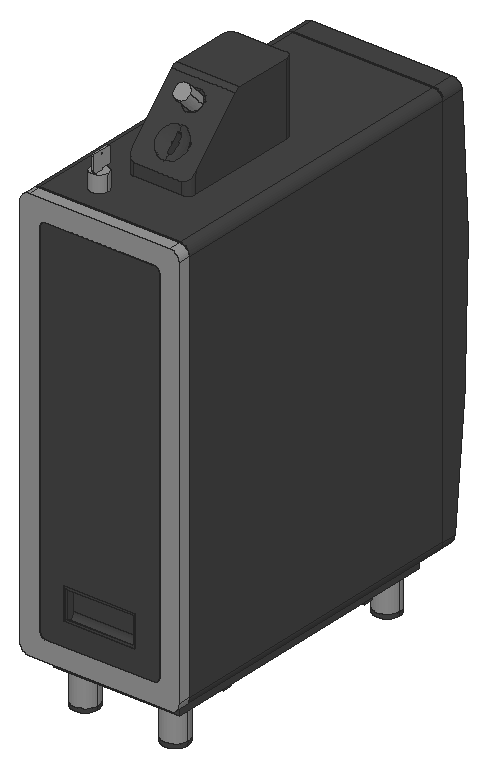
Revit family "Franke_Coin_changer-A600_A800_A1000(EU)", category Specialty Equipment, Revit 2015
Parameters (values of type "Coin changer-A600,A800,A1000(85-264V/anthracite/EU)")
  URL = "https://www.franke.com/main/en/cs/products/product-search.html"
  Depth (mm) = 452 mm
  Volts min. = 85 V
  Volts max. = 264 V
  Max Overcurrent Protection = "10 A"
  Cycle Alternative = 60 Hz
  Cycle = 50 Hz
  Model = "410902 - Coin changer- A600, A800, A1000"
  Watts = 76.8 W
  Cost = 0
  Height (mm) = 675 mm
  Manufacturer = "Franke"
  Energy loss acc. to DIN 18873 = "-"
  Width (mm) = 200 mm
  Description = "payment systems key module - Coin changer"
  Assembly Code = "key module Coin changer (A600, A800)"
  Keynote = "key module Coin changer (A600, A800)"
  Weight = "18 kg"
  Number of Poles = 1
  Number of Protective Conductors = "1"
  Number of Nutral Conductors = "1"
  Frontcover = Franke Anthracite
Types (3, lengths in mm): name | Frontcover
  (no name) | Franke Anthracite
  Coin changer-A600,A800,A1000(85-264V/black line/EU) | Franke Black
  Coin changer-A600,A800,A1000(85-264V/anthracite/EU) | Franke Anthracite
Reference planes
  plane 1 "Mitte (Vorne/Hinten)": y = 0
  plane 2: z = 0
  plane 3 "Mitte (Links/Rechts)": x = 0
Forms (mm)
  Extrusion 1, solid, material "Franke Black"
    sketch origin (0, 0, 0) x (0, 1, 0) y (0, 0, 1)
      loop
        line (186.97, 65) -> (-188.03, 65) -> (-188.03, 45) -> (186.97, 45) -> (186.97, 65)
    from -79 to 79
  Extrusion 2, solid, material "Franke Black"
    sketch origin (-1000, 0, 0) x (0, 1, 0) y (0, 0, 1)
      loop
        line (199.53, 585) -> (199.53, 65) -> (216.03, 65)
        arc (216.03, 65) -> (224.982, 150.997) -> (233.478, 237.039) r 16328.175
        arc (233.478, 237.039) -> (233.864, 241.879) -> (234.093, 246.728) r 150
        arc (234.093, 246.728) -> (236.227, 326.074) -> (237.701, 405.435) r 9548.581
        arc (237.701, 405.435) -> (237.699, 406.999) -> (237.648, 408.563) r 50
        arc (237.648, 408.563) -> (233.118, 496.797) -> (228.03, 585) r 14002.549
        line (228.03, 585) -> (199.53, 585)
    from 900 to 1100
  Extrusion 3, void
    sketch origin (-1000, 0, 0) x (1, 0, 0) y (0, 0, 1)
      loop
        arc (1088, 585) -> (1096.485, 581.485) -> (1100, 573) r 12
        line (1100, 573) -> (1110, 573) -> (1110, 595) -> (1088, 595) -> (1088, 585)
      loop
        line (1088, 65) -> (1088, 55) -> (1110, 55) -> (1110, 77) -> (1100, 77)
        arc (1100, 77) -> (1096.485, 68.515) -> (1088, 65) r 12
      loop
        line (912, 585) -> (912, 595) -> (890, 595) -> (890, 573) -> (900, 573)
        arc (900, 573) -> (903.515, 581.485) -> (912, 585) r 12
      loop
        arc (912, 65) -> (903.515, 68.515) -> (900, 77) r 12
        line (900, 77) -> (890, 77) -> (890, 55) -> (912, 55) -> (912, 65)
    from -305.226 to 299.817
  Extrusion 4, solid, material "Franke Black"
    sketch origin (0, 397.56, 0) x (1, 0, 0) y (0, 0, 1)
      loop
        line (-85, 65) -> (85, 65) -> (85, 575) -> (-85, 575) -> (-85, 65)
    from 198.03 to 199.53
  Extrusion 5, solid
    sketch origin (0, 0, 0) x (1, 0, 0) y (0, 0, 1)
      loop
        line (-85, 65) -> (85, 65) -> (85, 575) -> (-85, 575) -> (-85, 65)
    from 198.03 to 199.53
  Extrusion 6, solid, material "Franke Black"
    sketch origin (0, 0, 0) x (1, 0, 0) y (0, 0, 1)
      loop
        line (88, 585) -> (-88, 585)
        arc (-88, 585) -> (-96.485, 581.485) -> (-100, 573) r 12
        line (-100, 573) -> (-100, 77)
        arc (-100, 77) -> (-96.485, 68.515) -> (-88, 65) r 12
        line (-88, 65) -> (88, 65)
        arc (88, 65) -> (96.485, 68.515) -> (100, 77) r 12
        line (100, 77) -> (100, 573)
        arc (100, 573) -> (96.485, 581.485) -> (88, 585) r 12
    from -198.03 to 198.03
  Extrusion 7, solid, material "Franke Chrome"
    sketch origin (0, 0, 0) x (1, 0, 0) y (0, 1, 0)
      loop
        circle (-42, -162.53) r 11
    from 585 to 605
  Extrusion 8, solid, material "Franke Anthracite" <- "Frontcover"
    sketch origin (0, 0, 0) x (1, 0, 0) y (0, 0, 1)
      loop
        line (88, 585) -> (-88, 585)
        arc (-88, 585) -> (-96.485, 581.485) -> (-100, 573) r 12
        line (-100, 573) -> (-100, 77)
        arc (-100, 77) -> (-96.485, 68.515) -> (-88, 65) r 12
        line (-88, 65) -> (88, 65)
        arc (88, 65) -> (96.485, 68.515) -> (100, 77) r 12
        line (100, 77) -> (100, 573)
        arc (100, 573) -> (96.485, 581.485) -> (88, 585) r 12
      loop
        arc (67, 90) -> (72.657, 92.343) -> (75, 98) r 8
        line (75, 98) -> (75, 552)
        arc (75, 552) -> (72.657, 557.657) -> (67, 560) r 8
        line (67, 560) -> (-67, 560)
        arc (-67, 560) -> (-72.657, 557.657) -> (-75, 552) r 8
        line (-75, 552) -> (-75, 98)
        arc (-75, 98) -> (-72.657, 92.343) -> (-67, 90) r 8
        line (-67, 90) -> (67, 90)
    from 199.53 to 214.53
  Extrusion 9, solid, material "Franke Black"
    sketch origin (0, 0, 0) x (1, 0, 0) y (0, 0, 1)
      loop
        arc (-67, 560) -> (-72.657, 557.657) -> (-75, 552) r 8
        line (-75, 552) -> (-75, 98)
        arc (-75, 98) -> (-72.657, 92.343) -> (-67, 90) r 8
        line (-67, 90) -> (67, 90)
        arc (67, 90) -> (72.657, 92.343) -> (75, 98) r 8
        line (75, 98) -> (75, 552)
        arc (75, 552) -> (72.657, 557.657) -> (67, 560) r 8
        line (67, 560) -> (-67, 560)
    from 199.53 to 214.53
  Extrusion 10, solid, material "Franke Black"
    sketch origin (0, 0, 0) x (1, 0, 0) y (0, 0, 1)
      loop
        line (-85, 65) -> (85, 65) -> (85, 575) -> (-85, 575) -> (-85, 65)
    from 198.03 to 199.53
  Extrusion 11, solid, material "Franke Chrome"
    sketch origin (0, 0, 39.5) x (0, 1, 0) y (0, 0, 1)
      loop
        arc (-172.53, 569.367) -> (-172.178, 568.234) -> (-171.247, 567.5) r 2
        line (-171.247, 567.5) -> (-171.247, 565.5) -> (-160.53, 565.5) -> (-160.53, 566.541)
        arc (-160.53, 566.541) -> (-160.249, 567.219) -> (-159.571, 567.5) r 0.959
        line (-159.571, 567.5) -> (-149.53, 567.5)
        arc (-149.53, 567.5) -> (-148.116, 568.086) -> (-147.53, 569.5) r 2
        line (-147.53, 569.5) -> (-147.53, 585.5)
        arc (-147.53, 585.5) -> (-148.116, 586.914) -> (-149.53, 587.5) r 2
        line (-149.53, 587.5) -> (-170.53, 587.5)
        arc (-170.53, 587.5) -> (-171.944, 586.914) -> (-172.53, 585.5) r 2
        line (-172.53, 585.5) -> (-172.53, 569.367)
      loop
        circle (-160.03, 583.965) r 2
    from -43 to -41
  Extrusion 12, solid, material "Franke Black"
    sketch origin (0, 0, 20) x (1, 0, 0) y (0, 0, 1)
      loop
        line (-44.5, 139) -> (-44.5, 100) -> (44.5, 100) -> (44.5, 139) -> (-44.5, 139)
      loop
        line (-42.5, 137) -> (-42.5, 102) -> (42.5, 102) -> (42.5, 137) -> (-42.5, 137)
    from 212.53 to 214.53
  Extrusion 13, void
    sketch origin (0, 0, 20) x (0, 1, 0) y (0, 0, 1)
      loop
        line (-231.966, 139) -> (-231.966, 100) -> (-212.53, 100) -> (-212.53, 95) -> (-210.53, 95)
        arc (-210.53, 95) -> (-203.459, 97.929) -> (-200.53, 105) r 10
        line (-200.53, 105) -> (-200.53, 144) -> (-212.53, 144) -> (-212.53, 139) -> (-231.966, 139)
    from -44.5 to 44.5
  Extrusion 14, solid, material "Franke Chrome"
    sketch origin (0, 0, 41) x (1, 0, 0) y (0, 1, 0)
      loop
        circle (0, 156.641) r 2.5
    from 0 to 4
  Extrusion 15, solid, material "Franke Chrome"
    sketch origin (-35.869, -27.22, 0) x (1, 0, 0) y (0, 1, 0)
      loop
        circle (92.493, -139.31) r 16
      loop
        circle (-20.755, -139.31) r 16
      loop
        circle (92.493, 192.69) r 16
      loop
        circle (-20.755, 192.69) r 16
    from 5 to 45
  Extrusion 16, solid, material "Franke Black"
    sketch origin (-35.869, -27.22, 10) x (0, -1, 0) y (1, 0, 0)
      loop
        circle (139.31, 92.493) r 16
      loop
        circle (139.31, -20.755) r 16
      loop
        circle (-192.69, 92.493) r 16
      loop
        circle (-192.69, -20.755) r 16
    from -10 to -5
  Extrusion 17, solid, material "Franke Black"
    sketch origin (0, 0, 41) x (1, 0, 0) y (0, 1, 0)
      loop
        line (63, 116.47) -> (63, 104.47) -> (77, 104.47) -> (77, 116.47) -> (63, 116.47)
      loop
        line (63, -104.63) -> (63, -116.63) -> (77, -116.63) -> (77, -104.63) -> (63, -104.63)
      loop
        line (-63, 116.47) -> (-77, 116.47) -> (-77, 104.47) -> (-63, 104.47) -> (-63, 116.47)
      loop
        line (-63, -104.63) -> (-77, -104.63) -> (-77, -116.63) -> (-63, -116.63) -> (-63, -104.63)
    from 0 to 4
  Extrusion 18, solid, material "Franke Black"
    sketch origin (0, -0.04, 41.001) x (1, 0, 0) y (0, 1, 0)
      loop
        arc (-30, 38.97) -> (-37.071, 36.041) -> (-40, 28.97) r 10
        line (-40, 28.97) -> (-40, -113.03)
        arc (-40, -113.03) -> (-37.071, -120.101) -> (-30, -123.03) r 10
        line (-30, -123.03) -> (30, -123.03)
        arc (30, -123.03) -> (37.071, -120.101) -> (40, -113.03) r 10
        line (40, -113.03) -> (40, 28.97)
        arc (40, 28.97) -> (37.071, 36.041) -> (30, 38.97) r 10
        line (30, 38.97) -> (-30, 38.97)
    from 544 to 641.515
  Extrusion 19, void
    sketch origin (0, -0.04, 41.001) x (0, 1, 0) y (0, 0, 1)
      loop
        line (-43.888, 634) -> (50, 634) -> (50, 644) -> (-137.557, 644) -> (-137.557, 555.542) -> (-126.489, 555.542) -> (-50.959, 631.071)
        arc (-50.959, 631.071) -> (-47.715, 633.239) -> (-43.888, 634) r 10
    from -88 to 88
  Extrusion 20, void
    sketch origin (-720, -1190.899, 840.307) x (1, 0, 0) y (0, 0.707107, 0.707107)
      loop
        line (717, 630.033) -> (717, 606.033) -> (723, 606.033) -> (723, 630.033) -> (717, 630.033)
    from -940.949 to -904.991
  Extrusion 21, solid, material "Franke Chrome"
    sketch origin (-718.958, -1189.838, 841.368) x (1, 0, 0) y (0, 0.707107, 0.707107)
      loop
        circle (718.958, 662.708) r 10
    from -940.949 to -899.991
  Revolve 22, void
    sketch origin (0, 488.645, 288.512) x (0, 0.707107, 0.707107) y (0, -0.707107, 0.707107)
      loop
        line (-179.407, 782.413) -> (-209.407, 782.413) -> (-209.407, 662.069)
        arc (-209.407, 662.069) -> (-196.194, 651.201) -> (-179.407, 647.902) r 34.965
        line (-179.407, 647.902) -> (-179.407, 782.413)
      axis (-179.407, 647.902) -> (-179.407, 782.413)
    angle from 0 to 360
  Revolve 23, void
    sketch origin (0, 519.434, 323.026) x (0, 0.707107, 0.707107) y (0, -0.707107, 0.707107)
      loop
        line (-179.407, 782.413) -> (-197.986, 782.413) -> (-197.986, 654.502)
        arc (-197.986, 654.502) -> (-189.546, 648.812) -> (-179.407, 647.902) r 20.426
        line (-179.407, 647.902) -> (-179.407, 782.413)
      axis (-179.407, 647.902) -> (-179.407, 782.413)
    angle from 0 to 360
Cuts and joins
  Extrusion 3 cuts Extrusion 8
  Extrusion 3 cuts Extrusion 2
  Extrusion 13 cuts Extrusion 9
  Extrusion 19, Extrusion 20, Revolve 22, Revolve 23 cuts Extrusion 18
Dimensions and locks
  aligned and locked: level to plane 2
Connectors
  electrical at (0, 156.641, 41), driven by "Volts max.", driven by "Number of Poles"
    settings: on Extrusion 14, index 2, voltage 264 V, apparent load 0 VA, apparent load phase1 0 VA, apparent load phase2 0 VA, apparent load phase3 0 VA, power factor 1, load classification "Strom", number of poles 1, system type 31, power factor state 1, is connector primary yes, connector utility no, sub classification motor no, connector description ""
